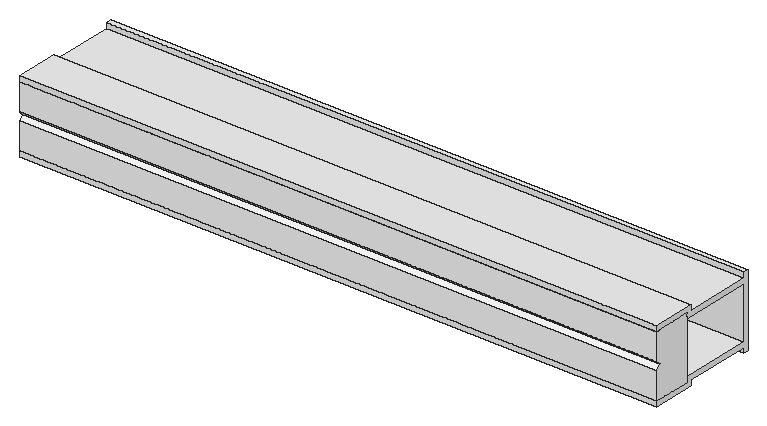
Revit family "4070743+4070746 Feilo Sylvania Lighting Fixture CURSUS 306MM 183LM WIDE LED 3K with CONTINUOUS WALL HOUSING", category Lighting Fixtures, host Face, Revit 2017
Family settings
  Host = Face
  Round Connector Dimension = Use Diameter
  Part Type = Normal
  OmniClass Number = 23.80.70.14
  OmniClass Title = Luminaries for External Lighting
  Cut with Voids When Loaded = Yes
  Light Source = Yes
  Shared = Yes
  Room Calculation Point = No
Parameters (values of type "4070743 CURSUS 306MM 183LM WIDE LED 3K")
  Width_FEILO = 35 mm
  Weight = "0.6 kg"
  Wattage Comments = "n/a"
  Wattage = 4.5 W
  WarrantyStartDate [instance] = "n/a"
  WarrantyGuarantorParts = "n/a"
  WarrantyDurationUnit = "n/a"
  WarrantyDurationParts = "n/a"
  WarrantyDescription = "n/a"
  WallThickness_FEILO = 2.5 mm
  built-in parameter 1150110 = 1 (stored number, unit not read)
  Voltage = 24 V
  URL = "http://www.sylvania-lighting.com"
  TypeName = "CURSUS 306MM 183LM WIDE LED 3K"
  Type Image = <None>
  Type Comments = "n/a"
  built-in parameter 1114217 = 1 (stored number, unit not read)
  Tilt Angle = -90.00°
  built-in parameter 1150109 = 1 (stored number, unit not read)
  built-in parameter 1150134 = (empty or 0)
  built-in parameter 1150113 = 1 (stored number, unit not read)
  SerialNumber [instance] = "n/a"
  ReflectorMaterial = none
  PowerFactor = 0
  PowerConsumption = "4.5 W"
  Photometric Web File = "4070743.ies"
  NominalLength = 306 mm
  NominalHeight = 50 mm
  NominalDepth = 30 mm
  Name = "CURSUS 306MM 183LM WIDE LED 3K"
  ModelReference = Name  # "CURSUS 306MM 183LM WIDE LED 3K"
  ModelNumber = "4070743"
  Model = Name  # "CURSUS 306MM 183LM WIDE LED 3K"
  Material = "natural anodised extruded aluminium structure housing"
  ManufacturerName = "Feilo Sylvania"
  Manufacturer = "Feilo Sylvania"
  LuminousEfficacy = "40.66 lm/W"
  built-in parameter 1150105 = 101.01 (stored number, unit not read)
  Lumens = 183 lm
  LuminaireType = ""
  built-in parameter 1150115 = 1 (stored number, unit not read)
  LightOutputRatio = "100"
  built-in parameter 1150137 = (empty or 0)
  built-in parameter 1150139 = (empty or 0)
  Length_FEILO = 312 mm
  LampsType = Lamp  # "LED"
  LampNominalLuminous = "183 lm"
  LampMacAdamStep = "n/a"
  LampColourTemperature = "3000 K"
  LampColourRenderingIndex = "80"
  built-in parameter 1150112 = 1 (stored number, unit not read)
  built-in parameter 1150114 = 1 (stored number, unit not read)
  Lamp = "LED"
  Keynote = "16500"
  InstallationDate [instance] = "n/a"
  InputVoltage = "24V DC"
  InputNominalFrequency = "n/a"
  built-in parameter 1150132 = (empty or 0)
  built-in parameter 1150102 = (empty or 0)
  built-in parameter 1150107 = 3000 (stored number, unit not read)
  built-in parameter 1150138 = (empty or 0)
  IngressProtection = "IP67"
  ImpactProtectionIndex = "IK07"
  built-in parameter 1150106 = 1.0101 (stored number, unit not read)
  IfcExportType = "IfcLightFixtureType"
  IfcExportAs = "IfcLightFixtureType"
  ExpectedLife = 50000
  EndCapRight [instance] = no
  EndCapLeft [instance] = no
  Emit from Rectangle Width = Width_FEILO - WallThickness_FEILO * 2  # 30 mm
  Emit from Rectangle Length = Length_FEILO - WallThickness_FEILO * 2  # 307 mm
  Emit Shape Visible in Rendering = no
  ElectricShockClassification = "Class III"
  built-in parameter 1150104 = 3.7781 (stored number, unit not read)
  DurationUnit = "hours"
  DocumentationLiterature = "http://www.sylvania-lighting.com/product/en-int/products/4070743"
  DimmingControlOptions = "n/a"
  Dimming Lamp Color Temperature Shift = <None>
  DiffuserMaterial = Diffuser-Sylvania-Glow
  Description = "LED Exterior Lighting Recessed Surface Mounted Linear Fixture, Natural anodised extruded aluminium structure. Die-cast aluminium end caps. Installation kit with harmonic steel springs., 183 lm, 4,5W, 40lm/W, 3000K, CRI80+,non dimmable,IP67, IK07, (HxWxD) 306x50x30mm, 3 step Mac Adam Ellipse, 0.6kg,, Classe III, 21-25V-DC, energy class : A++, A+, A"
  Default Elevation = 1219.2 mm
  CreatedOn = "1/8/2018"
  CreatedBy = ""
  Cost = 0
  Color Filter = 16777215
  built-in parameter 1114216 [instance] = (empty or 0)
  ClassificationValue = "EF_70_80"
  ClassificationName = "Uniclass2015"
  BodyMaterial = Body-Sylvania-Gray
  BarCode [instance] = "n/a"
  built-in parameter 1114218 = 1 (stored number, unit not read)
  built-in parameter 1150133 = 10 (stored number, unit not read)
  AssetType = "Fixed"
  AssetIdentifier [instance] = "n/a"
  Assembly Code = "D5020200"
  Apparent Load = 4.5 VA
  AccessoryMaterial = Diffuser-Sylvania-Glow
Reference planes
  plane 1 "Center (Front/Back)": y = 0
  plane 2: z = 0
  plane 3 "Center (Left/Right)": x = 0
  plane 4: x = 156
  plane 5: x = -156
  plane 6: x = -153.5
  plane 7: x = 153.5
  plane 8: z = 35
  plane 9: z = 17.5
  plane 10: z = 32.5
  plane 11: z = 2.5
  plane 12: z = 30
  plane 13: z = 5
  plane 14: y = -55
  plane 15: y = -53
  plane 16: y = -2.5
  plane 17: y = -37
  plane 18: y = -34.5
Forms (mm)
  Extrusion 1, solid, material "Body-Sylvania-Gray" <- "BodyMaterial"
    sketch origin (0, 0, 0) x (0, 1, 0) y (0, 0, 1)
      loop
        line (0, 35) -> (-2.5, 35) -> (-2.5, 32.5) -> (-34.5, 32.5) -> (-34.5, 35) -> (-55, 35) -> (-55, 32.5) -> (-37, 32.5) -> (-37, 30) -> (-2.5, 30) -> (-2.5, 5) -> (-37, 5) -> (-37, 2.5) -> (-55, 2.5) -> (-55, 0) -> (-34.5, 0) -> (-34.5, 2.5) -> (-2.5, 2.5) -> (-2.5, 0) -> (0, 0) -> (0, 35)
    from -153.5 to 153.5
  Extrusion 2, solid, material "Diffuser-Sylvania-Glow" <- "DiffuserMaterial"
    sketch origin (0, 0, 0) x (0, 1, 0) y (0, 0, 1)
      loop
        line (-37, 32.5) -> (-55, 32.5) -> (-55, 19.5) -> (-53, 17.5) -> (-55, 15.5) -> (-55, 2.5) -> (-37, 2.5) -> (-37, 32.5)
    from -153.5 to 153.5
  Extrusion 3, solid, material "Body-Sylvania-Gray" <- "BodyMaterial", visible <- "EndCapRight"
    sketch origin (153.5, 1524, 1219.2) x (0, 1, 0) y (0, 0, 1)
      loop
        line (-1579, -1184.2) -> (-1579, -1219.2) -> (-1524, -1219.2) -> (-1524, -1184.2) -> (-1579, -1184.2)
    from 0 to 2.5
  Extrusion 4, solid, material "Body-Sylvania-Gray" <- "BodyMaterial", visible <- "EndCapLeft"
    sketch origin (-153.5, 1524, 1219.2) x (0, 1, 0) y (0, 0, 1)
      loop
        line (-1579, -1184.2) -> (-1579, -1219.2) -> (-1524, -1219.2) -> (-1524, -1184.2) -> (-1579, -1184.2)
    from -2.5 to 0
Dimensions and locks
  equal spacing: plane 5, plane 3 "Center (Left/Right)", plane 4
  "Length_FEILO": plane 5 to plane 4
  equal spacing: plane 6, plane 3 "Center (Left/Right)", plane 7
  "WallThickness_FEILO": plane 5 to plane 6
  locked: plane 9 to plane 2 at 17.5
  locked: plane 8 to plane 2 at 35
  equal spacing: plane 11, plane 9, plane 10
  equal spacing: plane 13, plane 9, plane 12
  "WallThickness_FEILO": plane 12 to plane 10
  locked: plane 14 to plane 15 at 2
  locked: plane 14 to plane 17 at 18
  "WallThickness_FEILO": plane 17 to plane 18
  "WallThickness_FEILO": plane 16 to plane 1 "Center (Front/Back)"
  locked: plane 15 to Extrusion 2 sketch curve (angle 45.00°)
  locked: Extrusion 2 sketch curve to plane 15 (angle 45.00°)
  aligned and locked: plane 2 to host face
  aligned and locked: level to host face
  aligned and locked: plane 1 "Center (Front/Back)" to Extrusion 1 sketch curve
  aligned and locked: Extrusion 1 sketch curve to plane 8  (x2)
  aligned and locked: plane 16 to Extrusion 1 sketch curve
  aligned and locked: host face to Extrusion 1 sketch curve
  aligned and locked: Extrusion 1 sketch curve to plane 16  (x2)
  aligned and locked: Extrusion 1 sketch curve to plane 11
  aligned and locked: plane 18 to Extrusion 1 sketch curve
  aligned and locked: level to Extrusion 1 sketch curve
  aligned and locked: plane 11 to Extrusion 1 sketch curve
  aligned and locked: Extrusion 1 sketch curve to plane 17
  aligned and locked: plane 13 to Extrusion 1 sketch curve
  aligned and locked: Extrusion 1 sketch curve to plane 12
  aligned and locked: plane 10 to Extrusion 1 sketch curve  (x2)
  aligned and locked: plane 17 to Extrusion 1 sketch curve  (x2)
  aligned and locked: plane 12 to Extrusion 1 sketch curve
  aligned and locked: Extrusion 1 sketch curve to plane 10
  aligned and locked: Extrusion 1 sketch curve to plane 18
  aligned and locked: plane 7 to Extrusion 1
  aligned and locked: Extrusion 1 to plane 6
  aligned and locked: Extrusion 2 sketch curve to Extrusion 1  (x4)
  aligned and locked: Extrusion 1 to Extrusion 2 sketch curve
  aligned and locked: plane 9 to Extrusion 2 sketch curve
  aligned and locked: plane 7 to Extrusion 2
  aligned and locked: Extrusion 2 to plane 6
  aligned and locked: Extrusion 3 sketch curve to Extrusion 1  (x4)
  aligned and locked: plane 4 to Extrusion 3
  aligned and locked: Extrusion 3 to plane 7
  aligned and locked: Extrusion 4 sketch curve to Extrusion 3  (x3)
  aligned and locked: Extrusion 4 sketch curve to Extrusion 1
  aligned and locked: Extrusion 4 to plane 5
  aligned and locked: plane 6 to Extrusion 4
  aligned and locked: plane 14 to imposter light
  aligned and locked: imposter light to plane 9
  aligned and locked: plane 3 "Center (Left/Right)" to imposter light
Automatic sketch dimensions
  host sketch curve to host sketch curve = 2438.4 mm  (x2)
  Extrusion 1 sketch curve to plane 14 = 0 mm  (x2)
  Extrusion 2 sketch curve to plane 15 = 0 mm
Connectors
  electrical at (0, 0, 0), driven by "Apparent Load", driven by "PowerFactor", driven by "Voltage"
    settings: index 1, voltage 24 V, apparent load 4.5 VA, apparent load phase1 0 VA, apparent load phase2 0 VA, apparent load phase3 0 VA, power factor 0, load classification "Lighting", number of poles 1, system type 30, power factor state 1, is connector primary yes, connector utility no, sub classification motor no, connector description ""
